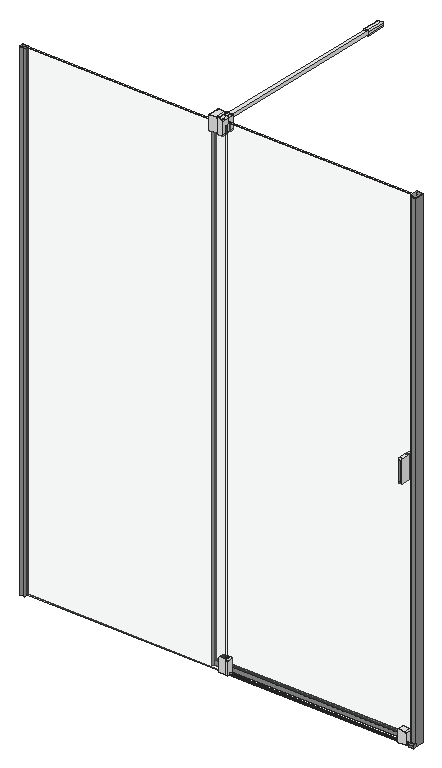
Revit family "Sanitary_Shower-screens_Duscholux_DuschoPulsar_Slider-door-shower", category Plumbing Fixtures, Revit 2016
Family settings
  Part Type = Normal
  Round Connector Dimension = Use Diameter
  OmniClass Number = 23.45.00.00
  OmniClass Title = Sanitary, Laundry, and Cleaning Equipment
  Work Plane-Based = No
  Always vertical = Yes
  Cut with Voids When Loaded = No
  Shared = No
  Room Calculation Point = No
Parameters (values of type "Black Aluminium Finish")
  Width = 1600 mm
  Uniclass 2015 Description = "Shower Enclosures"
  Uniclass 2015 Code = "PR-40-20-06-79"
  URL = "http://www.duscholux.es/"
  UNSPSC Code = "30181507"
  Thickness Safety Glass Sliding = 8 mm  # constant formula
  Thickness Safety Glass Fixed Panel = 8 mm  # constant formula
  Technical Inspection Certificate (Applus) = "http://www.duscholux.es/resources/custom/var/APPLUS_en.pdf"
  Support Lenght = 800 mm
  Sliding Door Width = (Min Max Width / 2) + 35 mm - 13.1 mm  # 821.9 mm
  Series = "DuschoPulsar"
  Region South America = "Consult"
  Region Oceania = "Consult"
  Region North America = "Consult"
  Region Middle East = "Consult"
  Region Europe = "AD, ES, FR, PT"
  Region Asia = "Consult"
  Region Antartica = "Consult"
  Region Africa = "Consult"
  Ref. = "PKL / PKR"
  Products = "http://www.duscholux.es/mamparas_filtro.aspx?es"
  Product group = "Front for shower"
  Product family = "Duscho Pulsar"
  Optional = "Glass Towel rail"
  Opening System Image = "http://blob.duscholux.es/pluma512/FDIzq1f1pcorredera.gif"
  Opening System = "Sliding"
  Opening Percentage = 0
  Opening Door = ((Min Max Width / 2) - 100 mm - 13.1 mm) * Opening Percentage / 100  # 0 mm
  Net Weight (Kg) = 0
  NBS Reference Description = "Shower Enclosures"
  NBS Reference Code = "45-35-70"
  Model = ""
  Min Max Width = if(Width < 1160 mm, 1160 mm, if(Width > 2000 mm, 2000 mm, Width))  # 1600 mm
  Max Height = if(Height > 2000 mm, 2000 mm, Height)  # 2000 mm
  Manufacturer name = "Duscholux Ibérica, S.A."
  Manufacturer country = "Spain"
  Maintenance and Cleaning = "http://www.duscholux.es/mamparas_limpieza.aspx?en"
  Image = "http://www.duscholux.es/resources/custom/img/mamparas/DUSCHO%20PULSAR/modelos/1F1PFDC/mampara_h.jpg"
  IFC Classification = "Furnishing Element"
  Height = 2000 mm
  Handle Material = Black Handle Finish
  Handle Height = Max Height / 2  # 1000 mm
  Glass in Building UNE EN 12150 = "CE Conformity marking"
  Glass Material = Glass_Material-Duscholux
  Frame Material = Black Aluminium Finish
  Fact Sheet = "http://blob.duscholux.es/enpdf2018/Pulsar1F1PFD.pdf"
  Manufacturer = "Duscholux Ibérica, S.A."
  Environmental Management ISO 14001 = "ECOEMBES Certificate"
  Edition number = "1"
  Design country = "Spain / Germany"
  Description = "Front 1 fixed + 1 sliding door shower"
  Date of publishing = ""
  Assembly Code = "C1030200"
  Configuration enclosure = "http://configuratumampara.duscholux.es/eCatalogo.aspx"
  Components = "Eropean components"
  Type Comments = ""
  Combinations = "Lateral 90°"
  Certified Quality UNE EN 14428 = "http://www.duscholux.es/duscholux_downloads.aspx?es"
  COBIe Type Category = ""
  Brand = "Duscholux"
  Anti-Lime Treatment = "FeelNet 3D Included"
  Accesories Material = Chrome_Finish
Types (4, lengths in mm): name | Width | Support Lenght | Sliding Door Width | Min Max Width | Handle Material | Frame Material | Accesories Material
  (no name) | 1600 | 800 | 821.9 | 1600 | Black Handle Finish | Black Aluminium Finish | Chrome_Finish
  Platinum Aluminium Finish | 1600 | 700 | 821.9 | 1600 | White Handle Finish | Platinum Aluminium Finish | Chrome_Finish
  Black Aluminium Finish | 1600 | 800 | 821.9 | 1600 | Black Handle Finish | Black Aluminium Finish | Chrome_Finish
  Gold Finish | 1400 | 700 | 721.9 | 1400 | Black Aluminium Finish | Gold | Gold
Reference planes
  plane 1 "Centro (Frontal/Posterior)": y = 0
  plane 2: z = 0
  plane 3 "Centro (Izquierda/Derecha)": x = 0
  plane 4: x = 1600
  plane 5: x = 800
  plane 6: z = 2000
  plane 7: z = 1000
  plane 8: x = 1553.6
  plane 9: y = 21.3
  plane 10: x = 1586.895
  plane 11: x = 835
  plane 12: x = 765
  plane 13: y = 25.3
  plane 14: y = 17.3
  plane 15: y = 4
  plane 16: y = -4
  plane 17: x = 1576.1
  plane 18: y = 1.421
  plane 19: z = 2003
Forms (mm)
  Extrusion 1, solid, material "Glass_Material-Duscholux" <- "Glass Material"
    sketch origin (512.5, -117.763, 0) x (1, 0, 0) y (0, 1, 0)
      loop
        line (-496.5, 121.763) -> (-496.5, 113.763) -> (322.5, 113.763) -> (322.5, 121.763) -> (-496.5, 121.763)
    from 2 to 2000
  Extrusion 2, solid, material "Plástico, transparente", detail levels fine
    sketch origin (0, -2.016, 0) x (0, 1, 0) y (0, 0, 1)
      loop
        line (18.037, 4) -> (28.544, 4) -> (28.544, 18.331) -> (49.065, 6.392) -> (49.065, 2.694)
        arc (49.065, 2.694) -> (49.804, 2.277) -> (50.544, 2.694) r 0.863
        line (50.544, 2.694) -> (50.544, 8.123) -> (27.817, 21.137)
        arc (27.817, 21.137) -> (27.258, 21.087) -> (27.044, 20.567) r 0.542
        line (27.044, 20.567) -> (27.294, 19.634) -> (27.294, 5.168) -> (19.294, 5.168) -> (19.294, 21.253) -> (18.037, 21.253) -> (18.037, 4)
    from 769.995 to 1576.1
  Extrusion 3, solid, material "Plástico, transparente", detail levels fine
    sketch origin (-2.798, -2.197, 0) x (1, 0, 0) y (0, 1, 0)
      loop
        line (772.793, 27.476) -> (772.793, 28.726) -> (766.493, 28.726) -> (766.493, 18.219) -> (771.793, 18.219) -> (771.793, 6.559) -> (772.793, 6.559) -> (772.793, 19.519) -> (767.793, 19.519) -> (767.793, 27.476) -> (772.793, 27.476)
    from 4 to 2000
  Extrusion 4, solid, not visible
    sketch origin (62.199, -0.034, 0) x (1, 0, 0) y (0, 1, 0)
      loop
        line (752.972, 27.547) -> (749, 27.019)
        arc (749, 27.019) -> (748.57, 26.458) -> (749.132, 26.028) r 0.5
        line (749.132, 26.028) -> (753.6, 26.622) -> (753.6, 23.522) -> (753.6, 20.422) -> (749.132, 21.016)
        arc (749.132, 21.016) -> (748.57, 20.586) -> (749, 20.025) r 0.5
        line (749, 20.025) -> (752.972, 19.497)
        arc (752.972, 19.497) -> (756.439, 17.322) -> (760.531, 17.291) r 7.498
        arc (760.531, 17.291) -> (761.591, 18.007) -> (762, 19.219) r 2
        line (762, 19.219) -> (762, 23.522) -> (762, 27.825)
        arc (762, 27.825) -> (761.591, 29.037) -> (760.531, 29.753) r 2
        arc (760.531, 29.753) -> (756.439, 29.722) -> (752.972, 27.547) r 7.498
    from 0 to 1876.165
  Extrusion 5, solid, material "Black Aluminium Finish" <- "Frame Material"
    sketch origin (0, 0, 0) x (1, 0, 0) y (0, 1, 0)
      loop
        line (13.5, 5.521) -> (0, 5.521) -> (0, -7.479) -> (13.5, -7.479) -> (13.5, -5.979) -> (1.5, -5.979) -> (1.5, 4.021) -> (13.5, 4.021) -> (13.5, 5.521)
      loop
        line (21, 7.2) -> (1, 7.2) -> (1, 5.7) -> (14.5, 5.7) -> (14.5, -7.7) -> (1, -7.7) -> (1, -9.2) -> (16.7, -9.2)
        arc (16.7, -9.2) -> (19.983, -7.677) -> (20.941, -4.188) r 4.3
        line (20.941, -4.188) -> (19.995, -4.188) -> (16, -5.7) -> (16, 5.7) -> (20.019, 4.195) -> (21, 4.195) -> (21, 7.2)
    from 0 to 2000
  Extrusion 6, solid, material "Black Aluminium Finish" <- "Frame Material"
    sketch origin (0, 1.086, 0) x (1, 0, 0) y (0, 1, 0)
      loop
        line (1600, 38.696) -> (1582.5, 38.696) -> (1582.5, 37.196) -> (1598.5, 37.196) -> (1598.5, 7.746) -> (1582.5, 7.746) -> (1582.5, 6.246) -> (1600, 6.246) -> (1600, 38.696)
      loop
        line (1576.595, 10.436) -> (1576.595, 8.871)
        arc (1576.595, 8.871) -> (1577.854, 5.83) -> (1580.895, 4.571) r 4.3
        line (1580.895, 4.571) -> (1598.995, 4.571) -> (1598.995, 6.071) -> (1580.1, 6.071) -> (1580.1, 7.746) -> (1589.795, 11.475) -> (1589.795, 30.821) -> (1587.9, 30.821) -> (1587.9, 36.871) -> (1580.1, 36.871) -> (1580.1, 38.871) -> (1598.995, 38.871) -> (1598.995, 40.171) -> (1576.595, 40.171) -> (1576.595, 31.073) -> (1580.1, 29.321) -> (1588.295, 29.321) -> (1588.295, 14.936) -> (1576.595, 10.436)
      loop
        line (1579.55, 35.571) -> (1579.55, 30.071) -> (1586.4, 30.071) -> (1586.4, 35.571) -> (1579.55, 35.571)
    from 0 to 2000
  Extrusion 7, solid, material "Plástico, transparente"
    sketch origin (-704.732, 0, 0) x (1, 0, 0) y (0, 1, 0)
      loop
        line (2293.01, 27.022) -> (2291.8, 27.022) -> (2291.8, 29.319) -> (2283.801, 29.319) -> (2283.801, 27.018) -> (2281.974, 27.018)
        arc (2281.974, 27.018) -> (2281.152, 26.594) -> (2281.029, 25.677) r 1
        line (2281.029, 25.677) -> (2291.627, 25.677) -> (2291.627, 16.925) -> (2281.025, 16.925)
        arc (2281.025, 16.925) -> (2281.147, 16.007) -> (2281.969, 15.582) r 1
        line (2281.969, 15.582) -> (2293.01, 15.582) -> (2293.01, 27.022)
    from 0 to 2000
  Extrusion 8, solid, material "Glass_Material-Duscholux" <- "Glass Material"
    sketch origin (7.649, 0, 0) x (1, 0, 0) y (0, 1, 0)
      loop
        line (757.346, 25.278) -> (757.346, 17.278) -> (1579.246, 17.278) -> (1579.246, 25.278) -> (757.346, 25.278)
    from 5.168 to 2000
  Extrusion 9, solid, material "Plástico, transparente", not visible
    sketch origin (2.438, 0, 0) x (1, 0, 0) y (0, 1, 0)
      loop
        line (1578.185, 27.022) -> (1576.976, 27.022) -> (1576.976, 29.319) -> (1568.976, 29.319) -> (1568.976, 27.018) -> (1567.149, 27.018)
        arc (1567.149, 27.018) -> (1566.327, 26.594) -> (1566.205, 25.677) r 1
        line (1566.205, 25.677) -> (1576.803, 25.677) -> (1576.803, 16.925) -> (1566.201, 16.925)
        arc (1566.201, 16.925) -> (1566.322, 16.007) -> (1567.145, 15.582) r 1
        line (1567.145, 15.582) -> (1578.185, 15.578) -> (1578.185, 27.022)
    from 0 to 2000
  Extrusion 10, solid, material "Chrome_Finish" <- "Accesories Material"
    sketch origin (222.464, 0, -247.097) x (1, 0, 0) y (0, 0, 1)
      loop
        arc (554.036, 2272.097) -> (550.5, 2270.632) -> (549.036, 2267.097) r 5
        line (549.036, 2267.097) -> (549.036, 2217.097)
        arc (549.036, 2217.097) -> (550.5, 2213.561) -> (554.036, 2212.097) r 5
        line (554.036, 2212.097) -> (579.036, 2212.097)
        arc (579.036, 2212.097) -> (582.571, 2213.561) -> (584.036, 2217.097) r 5
        line (584.036, 2217.097) -> (584.036, 2267.097)
        arc (584.036, 2267.097) -> (582.571, 2270.632) -> (579.036, 2272.097) r 5
        line (579.036, 2272.097) -> (554.036, 2272.097)
    from 6.85 to 10.85
  Extrusion 11, solid, material "Chrome_Finish" <- "Accesories Material"
    sketch origin (222.464, 0, -247.097) x (1, 0, 0) y (0, 0, 1)
      loop
        arc (554.036, 2272.097) -> (550.5, 2270.632) -> (549.036, 2267.097) r 5
        line (549.036, 2267.097) -> (549.036, 2247.097) -> (584.036, 2247.097) -> (584.036, 2267.097)
        arc (584.036, 2267.097) -> (582.571, 2270.632) -> (579.036, 2272.097) r 5
        line (579.036, 2272.097) -> (554.036, 2272.097)
    from -28.15 to 6.85
  Extrusion 12, solid, material "Chrome_Finish" <- "Accesories Material"
    sketch origin (222.464, -457, -247.097) x (1, 0, 0) y (0, 0, -1)
      loop
        line (554.036, -2272.097) -> (579.036, -2272.097)
        arc (579.036, -2272.097) -> (582.571, -2270.632) -> (584.036, -2267.097) r 5
        line (584.036, -2267.097) -> (584.036, -2217.097)
        arc (584.036, -2217.097) -> (582.571, -2213.561) -> (579.036, -2212.097) r 5
        line (579.036, -2212.097) -> (554.036, -2212.097)
        arc (554.036, -2212.097) -> (550.5, -2213.561) -> (549.036, -2217.097) r 5
        line (549.036, -2217.097) -> (549.036, -2267.097)
        arc (549.036, -2267.097) -> (550.5, -2270.632) -> (554.036, -2272.097) r 5
    from 485.15 to 489.15
  Extrusion 13, solid, material "Plástico, transparente", not visible
    sketch origin (1.118, 0, 0) x (1, 0, 0) y (0, 1, 0)
      loop
        line (1573.627, 27.022) -> (1572.417, 27.022) -> (1572.417, 29.319) -> (1564.418, 29.319) -> (1564.418, 27.018) -> (1562.591, 27.018)
        arc (1562.591, 27.018) -> (1561.769, 26.594) -> (1561.646, 25.677) r 1
        line (1561.646, 25.677) -> (1572.245, 25.677) -> (1572.245, 16.925) -> (1561.643, 16.925)
        arc (1561.643, 16.925) -> (1561.764, 16.007) -> (1562.587, 15.582) r 1
        line (1562.587, 15.582) -> (1573.627, 15.578) -> (1573.627, 27.022)
    from 0 to 1900
  Extrusion 14, solid, material "Chrome_Finish" <- "Accesories Material"
    sketch origin (0, 0, 0) x (1, 0, 0) y (0, 0, 1)
      loop
        line (771.5, 2000) -> (771.5, 1970)
        arc (771.5, 1970) -> (772.964, 1966.464) -> (776.5, 1965) r 5
        line (776.5, 1965) -> (801.5, 1965)
        arc (801.5, 1965) -> (805.036, 1966.464) -> (806.5, 1970) r 5
        line (806.5, 1970) -> (806.5, 2000) -> (771.5, 2000)
    from -17.322 to -4
  Extrusion 15, solid, material "Chrome_Finish" <- "Accesories Material"
    sketch origin (0, 0, 0) x (1, 0, 0) y (0, 0, 1)
      loop
        line (809.2, 0) -> (843.5, 0) -> (843.5, 51)
        arc (843.5, 51) -> (842.036, 54.536) -> (838.5, 56) r 5
        line (838.5, 56) -> (814.2, 56)
        arc (814.2, 56) -> (810.664, 54.536) -> (809.2, 51) r 5
        line (809.2, 51) -> (809.2, 0)
    from -16.022 to 6.579
  Extrusion 16, void
    sketch origin (0, 0, 0) x (1, 0, 0) y (0, 0, 1)
      loop
        line (809.2, 2) -> (835, 2) -> (835, 56) -> (814.2, 56)
        arc (814.2, 56) -> (810.664, 54.536) -> (809.2, 51) r 5
        line (809.2, 51) -> (809.2, 2)
    from -5.621 to 3.379
  Extrusion 17, solid, material "Chrome_Finish" <- "Accesories Material"
    sketch origin (0, 0, 0) x (0, 1, 0) y (0, 0, 1)
      loop
        line (14.936, 0) -> (33.25, 0) -> (33.25, 13.123) -> (28.25, 15.562) -> (28.25, 4) -> (14.936, 4) -> (14.936, 0)
    from 809.2 to 843.5
  Extrusion 18, solid, not visible
    sketch origin (0, 0, 0) x (1, 0, 0) y (0, 0, 1)
      loop
        arc (1333.174, 5) -> (1334.638, 1.464) -> (1338.174, 0) r 5
        line (1338.174, 0) -> (1363.174, 0)
        arc (1363.174, 0) -> (1366.709, 1.464) -> (1368.174, 5) r 5
        line (1368.174, 5) -> (1368.174, 45)
        arc (1368.174, 45) -> (1366.709, 48.536) -> (1363.174, 50) r 5
        line (1363.174, 50) -> (1338.174, 50)
        arc (1338.174, 50) -> (1334.638, 48.536) -> (1333.174, 45) r 5
        line (1333.174, 45) -> (1333.174, 5)
    from -16.022 to 7.7
  Extrusion 19, void, not visible
    sketch origin (0, 0, 0) x (1, 0, 0) y (0, 0, 1)
      loop
        line (1368.174, 8) -> (1333.174, 8) -> (1333.174, 5)
        arc (1333.174, 5) -> (1334.638, 1.464) -> (1338.174, 0) r 5
        line (1338.174, 0) -> (1363.174, 0)
        arc (1363.174, 0) -> (1366.709, 1.464) -> (1368.174, 5) r 5
        line (1368.174, 5) -> (1368.174, 8)
    from -4.3 to 6.7
  Extrusion 20, solid, not visible
    sketch origin (0, 0, 0) x (1, 0, 0) y (0, 0, 1)
      loop
        line (1333.174, 16.4) -> (1333.174, 5)
        arc (1333.174, 5) -> (1334.638, 1.464) -> (1338.174, 0) r 5
        line (1338.174, 0) -> (1363.174, 0)
        arc (1363.174, 0) -> (1366.709, 1.464) -> (1368.174, 5) r 5
        line (1368.174, 5) -> (1368.174, 16.4) -> (1333.174, 16.4)
    from -27.597 to -16.022
  Extrusion 21, void, not visible
    sketch origin (0, 0, 0) x (1, 0, 0) y (0, 0, 1)
      loop
        line (1333.174, 16.4) -> (1333.174, 5)
        arc (1333.174, 5) -> (1333.199, 4.497) -> (1333.275, 4) r 5
        line (1333.275, 4) -> (1368.073, 4)
        arc (1368.073, 4) -> (1368.148, 4.497) -> (1368.174, 5) r 5
        line (1368.174, 5) -> (1368.174, 16.4) -> (1333.174, 16.4)
    from -26.528 to -16.022
  Extrusion 22, solid, material "Plástico, transparente", not visible
    sketch origin (-17.832, 0, 0) x (1, 0, 0) y (0, 1, 0)
      loop
        line (1606.11, 27.022) -> (1604.9, 27.022) -> (1604.9, 29.319) -> (1596.901, 29.319) -> (1596.901, 27.018) -> (1595.074, 27.018)
        arc (1595.074, 27.018) -> (1594.252, 26.594) -> (1594.129, 25.677) r 1
        line (1594.129, 25.677) -> (1604.727, 25.677) -> (1604.727, 16.925) -> (1594.125, 16.925)
        arc (1594.125, 16.925) -> (1594.247, 16.007) -> (1595.069, 15.582) r 1
        line (1595.069, 15.582) -> (1606.11, 15.582) -> (1606.11, 27.022)
    from 0 to 1900
  Extrusion 23, solid, not visible
    sketch origin (0, 0, 0) x (1, 0, 0) y (0, 0, 1)
      loop
        line (1363.174, 50) -> (1338.174, 50)
        arc (1338.174, 50) -> (1334.638, 48.536) -> (1333.174, 45) r 5
        line (1333.174, 45) -> (1333.174, 4)
        arc (1333.174, 4) -> (1334.345, 1.172) -> (1337.174, 0) r 4
        line (1337.174, 0) -> (1364.174, 0)
        arc (1364.174, 0) -> (1367.002, 1.172) -> (1368.174, 4) r 4
        line (1368.174, 4) -> (1368.174, 45)
        arc (1368.174, 45) -> (1366.709, 48.536) -> (1363.174, 50) r 5
    from 6.579 to -16.022
  Extrusion 24, solid, not visible
    sketch origin (0, 0, 0) x (1, 0, 0) y (0, 0, 1)
      loop
        line (1368.174, 4) -> (1333.174, 4)
        arc (1333.174, 4) -> (1334.345, 1.172) -> (1337.174, 0) r 4
        line (1337.174, 0) -> (1364.174, 0)
        arc (1364.174, 0) -> (1367.002, 1.172) -> (1368.174, 4) r 4
    from -27.521 to -16.022
  Extrusion 25, solid, not visible
    sketch origin (0, 0, 0) x (1, 0, 0) y (0, 1, 0)
      loop
        line (1333.174, 27.521) -> (1333.174, 26.521) -> (1368.174, 26.521) -> (1368.174, 27.521) -> (1333.174, 27.521)
    from 4 to 16.689
  Extrusion 26, solid, material "Black Aluminium Finish" <- "Frame Material"
    sketch origin (0, 74.121, 0) x (0, 1, 0) y (0, 0, 1)
      loop
        line (-69.2, 0) -> (-69.2, 11.5) -> (-79.2, 11.5)
        arc (-79.2, 11.5) -> (-80.261, 11.061) -> (-80.7, 10) r 1.5
        line (-80.7, 10) -> (-80.7, 0) -> (-69.2, 0)
    from 1582.5 to 1600
  Extrusion 27, solid, material "Black Aluminium Finish" <- "Frame Material"
    sketch origin (0, 25.773, 0) x (0, 1, 0) y (0, 0, 1)
      loop
        line (-27.652, 0) -> (-21.052, 0) -> (-21.052, 4)
        arc (-21.052, 4) -> (-24.352, 7.3) -> (-27.652, 4) r 3.3
        line (-27.652, 4) -> (-27.652, 0)
    from 843.5 to 1582.5
  Extrusion 28, solid, material "Black Aluminium Finish" <- "Frame Material"
    sketch origin (0, 0, 0) x (1, 0, 0) y (0, 1, 0)
      loop
        line (21, 7.2) -> (0, 7.2) -> (0, -9.2) -> (16.7, -9.2)
        arc (16.7, -9.2) -> (19.741, -7.941) -> (21, -4.9) r 4.3
        line (21, -4.9) -> (21, 7.2)
    from 2000 to 2003
  Extrusion 29, solid, material "Black Aluminium Finish" <- "Frame Material"
    sketch origin (0, 0, 0) x (1, 0, 0) y (0, 1, 0)
      loop
        line (1576.595, 41.256) -> (1576.595, 9.937)
        arc (1576.595, 9.937) -> (1577.854, 6.896) -> (1580.895, 5.637) r 4.3
        line (1580.895, 5.637) -> (1600, 5.637) -> (1600, 41.256) -> (1576.595, 41.256)
    from 2000 to 2003
Cuts and joins
  joined: Extrusion 10, Extrusion 11, Extrusion 12, Extrusion 14
  Extrusion 16 cuts Extrusion 1
  Extrusion 16 cuts Extrusion 15
  joined: Extrusion 15, Extrusion 17
Dimensions and locks
  equal spacing: plane 3 "Centro (Izquierda/Derecha)", plane 5, plane 4
  "Handle Height": plane 7 to level
  locked: Extrusion 3 to Extrusion 3 at 1.3
  locked: Extrusion 3 to Extrusion 3 at 1
  locked: Extrusion 3 to Extrusion 3 at 6.3
  locked: plane 8 to plane 4 at 46.4
  "Min Max Width": plane 3 "Centro (Izquierda/Derecha)" to plane 4  (x2)
  "Max Height": plane 6 to level
  locked: Extrusion 2 to Extrusion 8 at 10.795
  locked: nested 1 to Extrusion 7 at 34
  "Sliding Door Width": Extrusion 8 to Extrusion 8
  locked: plane 10 to plane 4 at 13.105
  "Opening Door": Extrusion 8 to plane 10
  locked: Extrusion 26 to plane 4 at 17.5
  locked: plane 11 to cut or joined group of Extrusion 15, Extrusion 16, Extrusion 17 at 8.5
  locked: cut or joined group of Extrusion 15, Extrusion 16, Extrusion 17 to plane 11 at 25.8
  locked: plane 5 to plane 11 at 35
  locked: plane 12 to plane 5 at 35
  locked: plane 5 to nested 4 at 19.451
  locked: plane 19 to plane 6 at 3
  "Thickness Safety Glass Fixed Panel": cut or joined group of Extrusion 1, Extrusion 16 to cut or joined group of Extrusion 1, Extrusion 16
  "Thickness Safety Glass Sliding": Extrusion 8 to Extrusion 8
  aligned and locked: level to plane 2
  aligned and locked: plane 6 to Extrusion 1
  aligned and locked: Extrusion 3 to Extrusion 3
  aligned and locked: Extrusion 3 to Extrusion 8 sketch curve
  aligned and locked: Extrusion 8 sketch curve to Extrusion 2
  aligned and locked: Extrusion 8 to Extrusion 2
  aligned and locked: Extrusion 1 to Extrusion 5
  aligned and locked: plane 6 to Extrusion 5
  aligned and locked: plane 6 to Extrusion 6
  aligned and locked: plane 6 to Extrusion 7
  aligned and locked: plane 6 to Extrusion 8
  aligned and locked: Extrusion 8 to Extrusion 3
  aligned and locked: Extrusion 3 to Extrusion 8
  aligned and locked: Extrusion 2 to Extrusion 3
  aligned and locked: Extrusion 7 to Extrusion 8
  aligned and locked: cut or joined group of Extrusion 10, Extrusion 11, Extrusion 12, Extrusion 14 to plane 6
  aligned and locked: nested 1 to plane 7
  aligned and locked: nested 1 to nested 2
  aligned and locked: Extrusion 3 to Extrusion 14
  aligned and locked: Extrusion 14 to Extrusion 1
  aligned and locked: Extrusion 2 to cut or joined group of Extrusion 15, Extrusion 16, Extrusion 17
  aligned and locked: Extrusion 3 to Extrusion 2
  aligned and locked: Extrusion 15 to Extrusion 2
  aligned and locked: nested 3 to nested 2
  aligned and locked: plane 7 to nested 2
  aligned and locked: plane 1 "Centro (Frontal/Posterior)" to nested 4
  aligned and locked: nested 4 to plane 6
  aligned and locked: plane 4 to Extrusion 26
  aligned and locked: Extrusion 27 to cut or joined group of Extrusion 15, Extrusion 16, Extrusion 17
  aligned and locked: Extrusion 27 to Extrusion 26
  aligned and locked: cut or joined group of Extrusion 15, Extrusion 16, Extrusion 17 to cut or joined group of Extrusion 15, Extrusion 16, Extrusion 17  (x2)
  aligned and locked: Extrusion 28 to Extrusion 5
  aligned and locked: plane 19 to Extrusion 28
  aligned and locked: Extrusion 29 sketch curve to Extrusion 6  (x2)
  aligned and locked: Extrusion 29 sketch curve to plane 4
  aligned and locked: Extrusion 29 to plane 6
  aligned and locked: plane 19 to Extrusion 29
Automatic sketch dimensions
  Extrusion 4 sketch curve to Extrusion 4 sketch curve = 0 mm  (x2)
  Extrusion 4 sketch curve to Extrusion 4 sketch curve = 0.066 mm  (x4)
  Extrusion 4 sketch curve to Extrusion 4 sketch curve = 3.972 mm  (x2)
  Extrusion 4 sketch curve to Extrusion 4 sketch curve = 0.628 mm
  Extrusion 4 sketch curve to Extrusion 4 sketch curve = 4.94 mm
  Extrusion 4 sketch curve to Extrusion 4 sketch curve = 1.46 mm  (x2)
  Extrusion 4 sketch curve to Extrusion 4 sketch curve = 3.46 mm
  Extrusion 4 sketch curve to Extrusion 4 sketch curve = 0.496 mm  (x2)
  Extrusion 4 sketch curve to Extrusion 4 sketch curve = 0.925 mm  (x2)
  Extrusion 4 sketch curve to Extrusion 4 sketch curve = 3.305 mm  (x2)
  Extrusion 4 sketch curve to Extrusion 4 sketch curve = 3.1 mm  (x2)
  Extrusion 4 sketch curve to Extrusion 4 sketch curve = 3.027 mm
  Extrusion 4 sketch curve to Extrusion 4 sketch curve = 0.528 mm
  Extrusion 4 sketch curve to Extrusion 4 sketch curve = 0.997 mm
  Extrusion 4 sketch curve to Extrusion 4 sketch curve = 1.995 mm
  Extrusion 4 sketch curve to Extrusion 4 sketch curve = 1.519 mm
  Extrusion 9 sketch curve to Extrusion 9 sketch curve = 0.939 mm
  Extrusion 9 sketch curve to Extrusion 9 sketch curve = 0.94 mm
  Extrusion 9 sketch curve to Extrusion 9 sketch curve = 0.005 mm  (x3)
  Extrusion 9 sketch curve to Extrusion 9 sketch curve = 1.831 mm
  Extrusion 9 sketch curve to Extrusion 9 sketch curve = 7.827 mm
  Extrusion 9 sketch curve to Extrusion 9 sketch curve = 0.173 mm
  Extrusion 9 sketch curve to Extrusion 9 sketch curve = 1.382 mm
  Extrusion 9 sketch curve to Extrusion 9 sketch curve = 1 mm
  Extrusion 9 sketch curve to Extrusion 9 sketch curve = 0.341 mm
  Extrusion 9 sketch curve to Extrusion 9 sketch curve = 1.345 mm
  Extrusion 9 sketch curve to Extrusion 9 sketch curve = 3.301 mm
  Extrusion 9 sketch curve to Extrusion 9 sketch curve = 0.004 mm
  Extrusion 9 sketch curve to Extrusion 9 sketch curve = 8.752 mm
  Extrusion 13 sketch curve to Extrusion 13 sketch curve = 0.939 mm
  Extrusion 13 sketch curve to Extrusion 13 sketch curve = 0.94 mm
  Extrusion 13 sketch curve to Extrusion 13 sketch curve = 0.005 mm  (x3)
  Extrusion 13 sketch curve to Extrusion 13 sketch curve = 1.827 mm
  Extrusion 13 sketch curve to Extrusion 13 sketch curve = 7.827 mm
  Extrusion 13 sketch curve to Extrusion 13 sketch curve = 0.173 mm
  Extrusion 13 sketch curve to Extrusion 13 sketch curve = 1.382 mm
  Extrusion 13 sketch curve to Extrusion 13 sketch curve = 1 mm
  Extrusion 13 sketch curve to Extrusion 13 sketch curve = 0.341 mm
  Extrusion 13 sketch curve to Extrusion 13 sketch curve = 1.345 mm
  Extrusion 13 sketch curve to Extrusion 13 sketch curve = 2.297 mm
  Extrusion 13 sketch curve to Extrusion 13 sketch curve = 0.004 mm
  Extrusion 13 sketch curve to Extrusion 13 sketch curve = 8.752 mm
  Extrusion 7 sketch curve to Extrusion 7 sketch curve = 1.827 mm
  Extrusion 7 sketch curve to Extrusion 7 sketch curve = 0.005 mm  (x2)
  Extrusion 7 sketch curve to Extrusion 7 sketch curve = 0.94 mm
  Extrusion 7 sketch curve to Extrusion 7 sketch curve = 0.939 mm
  Extrusion 7 sketch curve to Extrusion 7 sketch curve = 1.345 mm
  Extrusion 7 sketch curve to Extrusion 7 sketch curve = 2.297 mm
  Extrusion 18 sketch curve to Extrusion 18 sketch curve = 5 mm  (x3)
  Extrusion 18 sketch curve to Extrusion 18 sketch curve = 25 mm  (x2)
  Extrusion 18 sketch curve to Extrusion 18 sketch curve = 40 mm
  Extrusion 19 sketch curve to Extrusion 19 sketch curve = 5 mm  (x2)
  Extrusion 19 sketch curve to Extrusion 19 sketch curve = 25 mm
  Extrusion 20 sketch curve to Extrusion 20 sketch curve = 5 mm  (x2)
  Extrusion 20 sketch curve to Extrusion 20 sketch curve = 25 mm
  Extrusion 21 sketch curve to Extrusion 21 sketch curve = 0.101 mm  (x2)
  Extrusion 21 sketch curve to Extrusion 21 sketch curve = 5 mm  (x2)
  Extrusion 21 sketch curve to Extrusion 21 sketch curve = 25 mm
  Extrusion 19 sketch curve to Extrusion 19 sketch curve = 3 mm
  Extrusion 20 sketch curve to Extrusion 20 sketch curve = 11.4 mm
  Extrusion 21 sketch curve to Extrusion 21 sketch curve = 11.4 mm
  Extrusion 7 sketch curve to Extrusion 7 sketch curve = 0.004 mm
  Extrusion 7 sketch curve to Extrusion 7 sketch curve = 7.827 mm
  Extrusion 7 sketch curve to Extrusion 7 sketch curve = 0.173 mm
  Extrusion 7 sketch curve to Extrusion 7 sketch curve = 1.382 mm
  Extrusion 7 sketch curve to Extrusion 7 sketch curve = 1 mm
  Extrusion 7 sketch curve to Extrusion 7 sketch curve = 8.752 mm
  Extrusion 7 sketch curve to Extrusion 7 sketch curve = 0.341 mm
  Extrusion 22 sketch curve to Extrusion 22 sketch curve = 1.827 mm
  Extrusion 22 sketch curve to Extrusion 22 sketch curve = 0.005 mm  (x2)
  Extrusion 22 sketch curve to Extrusion 22 sketch curve = 0.94 mm
  Extrusion 22 sketch curve to Extrusion 22 sketch curve = 0.939 mm
  Extrusion 22 sketch curve to Extrusion 22 sketch curve = 1.345 mm
  Extrusion 22 sketch curve to Extrusion 22 sketch curve = 2.297 mm
  Extrusion 22 sketch curve to Extrusion 22 sketch curve = 0.004 mm
  Extrusion 22 sketch curve to Extrusion 22 sketch curve = 7.827 mm
  Extrusion 22 sketch curve to Extrusion 22 sketch curve = 0.173 mm
  Extrusion 22 sketch curve to Extrusion 22 sketch curve = 1.382 mm
  Extrusion 22 sketch curve to Extrusion 22 sketch curve = 1 mm
  Extrusion 22 sketch curve to Extrusion 22 sketch curve = 8.752 mm
  Extrusion 22 sketch curve to Extrusion 22 sketch curve = 0.341 mm
  Extrusion 1 sketch curve to plane 16 = 0 mm
  Extrusion 1 sketch curve to plane 15 = 0 mm
  Extrusion 1 sketch curve to plane 11 = 0 mm
  plane 3 "Centro (Izquierda/Derecha)" to Extrusion 1 sketch curve = 16 mm
  Extrusion 2 sketch curve to plane 14 = 1.278 mm
  Extrusion 2 sketch curve to plane 14 = 0.022 mm
  Extrusion 2 sketch curve to plane 13 = 0.272 mm
  Extrusion 2 sketch curve to plane 13 = 0.022 mm
  plane 13 to Extrusion 2 sketch curve = 0.264 mm
  plane 13 to Extrusion 2 sketch curve = 0.501 mm
  plane 13 to Extrusion 2 sketch curve = 1.228 mm
  level to Extrusion 2 sketch curve = 6.392 mm
  Extrusion 2 sketch curve to Extrusion 2 sketch curve = 20.522 mm
  Extrusion 2 sketch curve to Extrusion 2 sketch curve = 0.739 mm
  Extrusion 2 sketch curve to Extrusion 2 sketch curve = 1.478 mm
  level to Extrusion 2 sketch curve = 5.168 mm
  Extrusion 2 sketch curve to Extrusion 2 sketch curve = 1.168 mm
  level to Extrusion 2 sketch curve = 3.14 mm
  Extrusion 2 sketch curve to Extrusion 2 sketch curve = 0.446 mm
  Extrusion 2 sketch curve to Extrusion 2 sketch curve = 1.731 mm
  Extrusion 2 sketch curve to Extrusion 2 sketch curve = 13.163 mm
  Extrusion 2 sketch curve to Extrusion 2 sketch curve = 1.303 mm
  Extrusion 2 sketch curve to Extrusion 2 sketch curve = 0.933 mm
  Extrusion 2 sketch curve to Extrusion 2 sketch curve = 0.083 mm
  Extrusion 2 sketch curve to Extrusion 2 sketch curve = 0.686 mm
  Extrusion 3 sketch curve to plane 12 = 1.305 mm
  Extrusion 3 sketch curve to plane 12 = 0.005 mm
  plane 15 to Extrusion 3 sketch curve = 0.362 mm
  plane 12 to Extrusion 3 sketch curve = 3.995 mm
  Extrusion 3 sketch curve to plane 13 = 0.022 mm
  plane 12 to Extrusion 3 sketch curve = 4.995 mm
  Extrusion 3 sketch curve to Extrusion 3 sketch curve = 1 mm
  Extrusion 3 sketch curve to plane 14 = 1.278 mm
  plane 14 to Extrusion 3 sketch curve = 0.022 mm
  plane 13 to Extrusion 3 sketch curve = 1.228 mm
  Extrusion 5 sketch curve to plane 3 "Centro (Izquierda/Derecha)" = 0 mm
  plane 3 "Centro (Izquierda/Derecha)" to Extrusion 5 sketch curve = 1 mm  (x2)
  plane 15 to Extrusion 5 sketch curve = 0.021 mm
  plane 3 "Centro (Izquierda/Derecha)" to Extrusion 5 sketch curve = 1.5 mm
  Extrusion 5 sketch curve to plane 16 = 1.979 mm
  Extrusion 5 sketch curve to Extrusion 5 sketch curve = 12 mm
  plane 15 to Extrusion 5 sketch curve = 1.521 mm
  Extrusion 5 sketch curve to Extrusion 5 sketch curve = 0 mm
  Extrusion 5 sketch curve to Extrusion 5 sketch curve = 1 mm
  plane 15 to Extrusion 5 sketch curve = 1.7 mm
  Extrusion 5 sketch curve to Extrusion 5 sketch curve = 1.5 mm  (x4)
  Extrusion 5 sketch curve to Extrusion 5 sketch curve = 2.2 mm
  Extrusion 5 sketch curve to plane 16 = 0.188 mm
  Extrusion 5 sketch curve to Extrusion 5 sketch curve = 3.295 mm
  plane 15 to Extrusion 5 sketch curve = 0.195 mm
  Extrusion 5 sketch curve to Extrusion 5 sketch curve = 4.019 mm
  Extrusion 5 sketch curve to Extrusion 5 sketch curve = 0.946 mm
  Extrusion 5 sketch curve to Extrusion 5 sketch curve = 0.981 mm
  Extrusion 5 sketch curve to Extrusion 5 sketch curve = 0.221 mm
  Extrusion 5 sketch curve to Extrusion 5 sketch curve = 0.8 mm
  Extrusion 5 sketch curve to Extrusion 5 sketch curve = 0.179 mm
  Extrusion 6 sketch curve to plane 4 = 0 mm
  Extrusion 6 sketch curve to plane 4 = 1.005 mm  (x2)
  Extrusion 6 sketch curve to plane 4 = 1.5 mm
  plane 10 to Extrusion 6 sketch curve = 2.9 mm
  plane 10 to Extrusion 6 sketch curve = 1.4 mm
  plane 10 to Extrusion 6 sketch curve = 1.005 mm
  Extrusion 6 sketch curve to plane 10 = 0.495 mm
  Extrusion 6 sketch curve to Extrusion 6 sketch curve = 3.9 mm
  Extrusion 6 sketch curve to plane 10 = 4.395 mm
  Extrusion 6 sketch curve to Extrusion 6 sketch curve = 1.605 mm
  Extrusion 6 sketch curve to Extrusion 6 sketch curve = 0.795 mm
  Extrusion 6 sketch curve to Extrusion 6 sketch curve = 2.4 mm
  Extrusion 6 sketch curve to Extrusion 6 sketch curve = 6.3 mm
  Extrusion 6 sketch curve to Extrusion 6 sketch curve = 0.55 mm
  Extrusion 6 sketch curve to Extrusion 6 sketch curve = 3.505 mm
  Extrusion 6 sketch curve to Extrusion 6 sketch curve = 2.955 mm
  plane 15 to Extrusion 6 sketch curve = 1.656 mm
  Extrusion 6 sketch curve to Extrusion 6 sketch curve = 1.5 mm  (x3)
  Extrusion 6 sketch curve to Extrusion 6 sketch curve = 0.175 mm  (x2)
  Extrusion 6 sketch curve to Extrusion 6 sketch curve = 1.675 mm
  Extrusion 6 sketch curve to Extrusion 6 sketch curve = 1.125 mm
  Extrusion 6 sketch curve to Extrusion 6 sketch curve = 1.565 mm
  Extrusion 6 sketch curve to plane 14 = 4.74 mm
  Extrusion 6 sketch curve to plane 14 = 1.278 mm
  plane 13 to Extrusion 6 sketch curve = 5.106 mm
  Extrusion 6 sketch curve to Extrusion 6 sketch curve = 0.75 mm
  Extrusion 6 sketch curve to Extrusion 6 sketch curve = 1.003 mm
  Extrusion 6 sketch curve to Extrusion 6 sketch curve = 4.75 mm
  Extrusion 6 sketch curve to Extrusion 6 sketch curve = 1.3 mm  (x2)
  Extrusion 6 sketch curve to Extrusion 6 sketch curve = 0.325 mm
  Extrusion 8 sketch curve to plane 10 = 0 mm
  Extrusion 8 sketch curve to plane 12 = 0.005 mm
  plane 12 to Extrusion 10 sketch curve = 6.5 mm
  Extrusion 10 sketch curve to Extrusion 10 sketch curve = 5 mm  (x3)
  plane 5 to Extrusion 10 sketch curve = 1.5 mm  (x2)
  Extrusion 10 sketch curve to plane 6 = 35 mm
  plane 6 to Extrusion 10 sketch curve = 20 mm
  Extrusion 11 sketch curve to plane 6 = 0 mm
  plane 12 to Extrusion 11 sketch curve = 6.5 mm
  Extrusion 11 sketch curve to Extrusion 11 sketch curve = 5 mm
  plane 5 to Extrusion 11 sketch curve = 1.5 mm
  plane 5 to Extrusion 11 sketch curve = 6.5 mm
  plane 6 to Extrusion 11 sketch curve = 20 mm
  plane 12 to Extrusion 12 sketch curve = 6.5 mm
  Extrusion 12 sketch curve to Extrusion 12 sketch curve = 5 mm  (x3)
  plane 5 to Extrusion 12 sketch curve = 1.5 mm  (x2)
  plane 6 to Extrusion 12 sketch curve = 25 mm
  Extrusion 12 sketch curve to plane 6 = 30 mm
  Extrusion 14 sketch curve to plane 6 = 0 mm
  plane 12 to Extrusion 14 sketch curve = 6.5 mm
  Extrusion 14 sketch curve to Extrusion 14 sketch curve = 5 mm
  plane 5 to Extrusion 14 sketch curve = 1.5 mm
  plane 5 to Extrusion 14 sketch curve = 6.5 mm
  Extrusion 14 sketch curve to plane 6 = 30 mm
  Extrusion 15 sketch curve to level = 0 mm
  plane 5 to Extrusion 15 sketch curve = 9.2 mm
  Extrusion 15 sketch curve to Extrusion 15 sketch curve = 5 mm
  plane 11 to Extrusion 15 sketch curve = 3.5 mm
  plane 11 to Extrusion 15 sketch curve = 8.5 mm
  level to Extrusion 15 sketch curve = 51 mm
  Extrusion 16 sketch curve to plane 11 = 0 mm
  plane 5 to Extrusion 16 sketch curve = 14.2 mm
  level to Extrusion 16 sketch curve = 2 mm
  plane 5 to Extrusion 16 sketch curve = 9.2 mm
  Extrusion 16 sketch curve to Extrusion 16 sketch curve = 49 mm
  Extrusion 17 sketch curve to level = 0 mm
  Extrusion 17 sketch curve to plane 14 = 2.364 mm
  plane 13 to Extrusion 17 sketch curve = 2.95 mm
  Extrusion 17 sketch curve to Extrusion 17 sketch curve = 5 mm
  level to Extrusion 17 sketch curve = 4 mm
  Extrusion 17 sketch curve to Extrusion 17 sketch curve = 9.123 mm
  Extrusion 17 sketch curve to Extrusion 17 sketch curve = 2.439 mm
  Extrusion 23 sketch curve to Extrusion 23 sketch curve = 4 mm
  Extrusion 23 sketch curve to Extrusion 23 sketch curve = 5 mm  (x2)
  Extrusion 23 sketch curve to Extrusion 23 sketch curve = 25 mm
  Extrusion 23 sketch curve to Extrusion 23 sketch curve = 27 mm
  Extrusion 24 sketch curve to Extrusion 24 sketch curve = 27 mm
  Extrusion 25 sketch curve to Extrusion 25 sketch curve = 1 mm
  Extrusion 25 sketch curve to Extrusion 25 sketch curve = 35 mm
  Extrusion 23 sketch curve to Extrusion 23 sketch curve = 41 mm
  Extrusion 24 sketch curve to Extrusion 24 sketch curve = 4 mm
  Extrusion 7 sketch curve to plane 14 = 0.375 mm
  plane 11 to Extrusion 7 sketch curve = 741.293 mm
  Extrusion 26 sketch curve to level = 0 mm
  Extrusion 26 sketch curve to plane 16 = 2.579 mm
  Extrusion 26 sketch curve to Extrusion 26 sketch curve = 10 mm
  level to Extrusion 26 sketch curve = 10 mm
  Extrusion 26 sketch curve to Extrusion 26 sketch curve = 1.5 mm
  Extrusion 27 sketch curve to level = 0 mm
  plane 16 to Extrusion 27 sketch curve = 2.121 mm
  level to Extrusion 27 sketch curve = 4 mm
  Extrusion 27 sketch curve to Extrusion 27 sketch curve = 3.3 mm
  Extrusion 28 sketch curve to plane 3 "Centro (Izquierda/Derecha)" = 0 mm
  Extrusion 28 sketch curve to plane 16 = 5.2 mm
  plane 3 "Centro (Izquierda/Derecha)" to Extrusion 28 sketch curve = 16.7 mm
  Extrusion 28 sketch curve to plane 16 = 0.9 mm
  plane 15 to Extrusion 28 sketch curve = 3.2 mm
  plane 15 to Extrusion 29 sketch curve = 1.637 mm
  Extrusion 29 sketch curve to Extrusion 29 sketch curve = 4.3 mm
Nested families
  nested 1: "Handle-Pulsar" at (1554.277, 17.278, 1000) x (0, 0, -1) z (0, -1, 0), type "Handle-Pulsar"
  nested 2: "Handle-Pulsar" at (1554.277, 25.278, 1000) x (0, 0, -1) z (0, 1, 0), type "Handle-Pulsar"
  nested 3: "Guide-Piece" at (1554.277, 0.021, 0), type "Guide-Piece"
  nested 4: "Wall-Support" at (819.451, 0, 2000), type "Wall-Support"
    with Support Lenght 800 mm
Definition of nested family "Handle-Pulsar"
  Parameters (values of type "Handle-Pulsar")
    Handle Material = none
    Default Elevation = 1219.2 mm
    Accesories Material = none
  Reference planes
    plane 1 "Centro (Frontal/Posterior)": y = 0
    plane 2: z = 0
    plane 3 "Centro (Izquierda/Derecha)": x = 0
    plane 4: x = 45
    plane 5: x = -45
    plane 6: y = 6.5
    plane 7: y = -6.5
  Forms (mm)
    Extrusion 1, solid
      sketch origin (0, 0, 0) x (1, 0, 0) y (0, 1, 0)
        loop
          line (-1219.2, 1219.2) -> (-1219.2, -1219.2) -> (1219.2, -1219.2) -> (1219.2, 1219.2) -> (-1219.2, 1219.2)
      from 0 to -304.8
    Extrusion 2, solid, material <- "Accesories Material"
      sketch origin (0, 0, 0) x (1, 0, 0) y (0, 0, 1)
        loop
          line (-45, 0) -> (45, 0) -> (45, 30)
          arc (45, 30) -> (43.536, 33.536) -> (40, 35) r 5
          line (40, 35) -> (-40, 35)
          arc (-40, 35) -> (-43.536, 33.536) -> (-45, 30) r 5
          line (-45, 30) -> (-45, 0)
      from -6.5 to 6.5
    Extrusion 3, void
      sketch origin (0, 0, 0) x (1, 0, 0) y (0, 0, 1)
        loop
          line (-40, 35) -> (-40, 10) -> (45, 10) -> (45, 30)
          arc (45, 30) -> (43.536, 33.536) -> (40, 35) r 5
          line (40, 35) -> (-40, 35)
      from -3.5 to 6.5
    Extrusion 4, solid, material <- "Handle Material"
      sketch origin (0, 0, 0) x (1, 0, 0) y (0, 0, 1)
        loop
          line (-40, 35) -> (-40, 10) -> (45, 10) -> (45, 30)
          arc (45, 30) -> (43.536, 33.536) -> (40, 35) r 5
          line (40, 35) -> (-40, 35)
      from -3.5 to 6.5
  Cuts and joins
    Extrusion 3 cuts Extrusion 2
  Dimensions and locks
    equal spacing: plane 7, plane 1 "Centro (Frontal/Posterior)", plane 6
    aligned and locked: plane 2 to Extrusion 1
    aligned and locked: level to Extrusion 1
    aligned and locked: plane 6 to Extrusion 2
    aligned and locked: Extrusion 2 to plane 7
    aligned and locked: Extrusion 3 to Extrusion 2
    aligned and locked: Extrusion 4 to cut or joined group of Extrusion 2, Extrusion 3  (x2)
  Automatic sketch dimensions
    Extrusion 1 sketch curve to Extrusion 1 sketch curve = 2438.4 mm  (x2)
    Extrusion 2 sketch curve to level = 0 mm
    Extrusion 2 sketch curve to plane 5 = 0 mm
    Extrusion 2 sketch curve to plane 4 = 0 mm
    plane 5 to Extrusion 2 sketch curve = 5 mm
    Extrusion 2 sketch curve to plane 4 = 5 mm
    Extrusion 2 sketch curve to Extrusion 2 sketch curve = 30 mm
    Extrusion 3 sketch curve to plane 4 = 0 mm
    Extrusion 3 sketch curve to Extrusion 3 sketch curve = 5 mm
    plane 5 to Extrusion 3 sketch curve = 5 mm
    level to Extrusion 3 sketch curve = 10 mm
    Extrusion 3 sketch curve to Extrusion 3 sketch curve = 20 mm
    Extrusion 4 sketch curve to plane 4 = 0 mm
    Extrusion 4 sketch curve to Extrusion 4 sketch curve = 5 mm
    plane 5 to Extrusion 4 sketch curve = 5 mm
    level to Extrusion 4 sketch curve = 10 mm
    Extrusion 4 sketch curve to Extrusion 4 sketch curve = 20 mm
Definition of nested family "Guide-Piece"
  Parameters (values of type "Guide-Piece")
    Accesories Material = none
  Reference planes
    plane 1 "Centro (Frontal/Posterior)": y = 0
    plane 2: z = 0
    plane 3 "Centro (Izquierda/Derecha)": x = 0
  Forms (mm)
    Extrusion 1, solid, material <- "Accesories Material"
      sketch origin (-1350.674, -0.021, 0) x (1, 0, 0) y (0, 0, 1)
        loop
          line (1363.174, 50) -> (1338.174, 50)
          arc (1338.174, 50) -> (1334.638, 48.536) -> (1333.174, 45) r 5
          line (1333.174, 45) -> (1333.174, 4)
          arc (1333.174, 4) -> (1334.345, 1.172) -> (1337.174, 0) r 4
          line (1337.174, 0) -> (1364.174, 0)
          arc (1364.174, 0) -> (1367.002, 1.172) -> (1368.174, 4) r 4
          line (1368.174, 4) -> (1368.174, 45)
          arc (1368.174, 45) -> (1366.709, 48.536) -> (1363.174, 50) r 5
      from 6.579 to -16.022
    Extrusion 2, solid, material <- "Accesories Material"
      sketch origin (-1350.674, -0.021, 0) x (1, 0, 0) y (0, 0, 1)
        loop
          line (1368.174, 4) -> (1333.174, 4)
          arc (1333.174, 4) -> (1334.345, 1.172) -> (1337.174, 0) r 4
          line (1337.174, 0) -> (1364.174, 0)
          arc (1364.174, 0) -> (1367.002, 1.172) -> (1368.174, 4) r 4
      from -27.521 to -16.022
    Extrusion 3, solid, material <- "Accesories Material"
      sketch origin (-1350.674, -0.021, 0) x (1, 0, 0) y (0, 1, 0)
        loop
          line (1333.174, 27.521) -> (1333.174, 26.521) -> (1368.174, 26.521) -> (1368.174, 27.521) -> (1333.174, 27.521)
      from 4 to 16.689
    Extrusion 4, void
      sketch origin (0, 0, 0) x (1, 0, 0) y (0, 0, 1)
        loop
          line (-17.5, 12) -> (-17.5, 4)
          arc (-17.5, 4) -> (-16.328, 1.172) -> (-13.5, 0) r 4
          line (-13.5, 0) -> (13.5, 0)
          arc (13.5, 0) -> (16.328, 1.172) -> (17.5, 4) r 4
          line (17.5, 4) -> (17.5, 12) -> (-17.5, 12)
      from -7.4 to 4.6
  Cuts and joins
    Extrusion 4 cuts Extrusion 1
    Extrusion 4 cuts Extrusion 2
    Extrusion 4 cuts Extrusion 3
    joined: Extrusion 1, Extrusion 2, Extrusion 3
  Dimensions and locks
    Extrusion 4 to level = 12 mm
    aligned and locked: level to plane 2
Definition of nested family "Wall-Support"
  Parameters (values of type "Wall-Support")
    Support Lenght = 700 mm
    Accesories Material = none
  Reference planes
    plane 1 "Centro (Frontal/Posterior)": y = 0
    plane 2: z = 0
    plane 3 "Centro (Izquierda/Derecha)": x = 0
  Forms (mm)
    Extrusion 1, solid, material <- "Accesories Material"
      sketch origin (0, 0, 25) x (1, 0, 0) y (0, 0, 1)
        loop
          arc (-6, 0) -> (-9.536, -1.464) -> (-11, -5) r 5
          line (-11, -5) -> (-11, -55)
          arc (-11, -55) -> (-9.536, -58.536) -> (-6, -60) r 5
          line (-6, -60) -> (6, -60)
          arc (6, -60) -> (9.56, -58.511) -> (11, -54.931) r 5
          line (11, -54.931) -> (11, -5.069)
          arc (11, -5.069) -> (9.56, -1.489) -> (6, 0) r 5
          line (6, 0) -> (-6, 0)
      from 5.35 to 13.35
    Extrusion 2, solid, material <- "Accesories Material"
      sketch origin (0, 0, 25) x (1, 0, 0) y (0, 0, 1)
        loop
          line (-11, -25) -> (11, -25) -> (11, -5.069)
          arc (11, -5.069) -> (9.56, -1.489) -> (6, 0) r 5
          line (6, 0) -> (-6, 0)
          arc (-6, 0) -> (-9.536, -1.464) -> (-11, -5) r 5
          line (-11, -5) -> (-11, -25)
      from -13.949 to 5.35
    Extrusion 3, solid, material <- "Accesories Material"
      sketch origin (0, 0, 25) x (1, 0, 0) y (0, 0, 1)
        loop
          arc (-11, -55) -> (-9.536, -58.536) -> (-6, -60) r 5
          line (-6, -60) -> (6, -60)
          arc (6, -60) -> (9.56, -58.511) -> (11, -54.931) r 5
          line (11, -54.931) -> (11, -25) -> (-11, -25) -> (-11, -55)
      from -13.949 to -5.949
    Extrusion 4, solid, material <- "Accesories Material"
      sketch origin (0, 0, 25) x (1, 0, 0) y (0, 0, 1)
        loop
          line (6, 0) -> (-6, 0)
          arc (-6, 0) -> (-9.536, -1.464) -> (-11, -5) r 5
          line (-11, -5) -> (-11, -20.069) -> (11, -20.069) -> (11, -5.069)
          arc (11, -5.069) -> (9.56, -1.489) -> (6, 0) r 5
      from -27.732 to -13.949
    Extrusion 5, solid, material <- "Accesories Material"
      sketch origin (0, 1.196, 25) x (1, 0, 0) y (0, 0, -1)
        loop
          line (-6, 0) -> (6, 0)
          arc (6, 0) -> (9.56, 1.489) -> (11, 5.069) r 5
          line (11, 5.069) -> (11, 54.931)
          arc (11, 54.931) -> (9.56, 58.511) -> (6, 60) r 5
          line (6, 60) -> (-6, 60)
          arc (-6, 60) -> (-9.536, 58.536) -> (-11, 55) r 5
          line (-11, 55) -> (-11, 5)
          arc (-11, 5) -> (-9.536, 1.464) -> (-6, 0) r 5
      from 26.536 to 34.536
    Extrusion 6, solid, material <- "Accesories Material"
      sketch origin (0, 0, 25) x (1, 0, 0) y (0, 0, 1)
        loop
          line (-7.8, -3.485) -> (-7.8, -16.585) -> (7.8, -16.585) -> (7.8, -3.485) -> (-7.8, -3.485)
      from -630 to -35.732
    Extrusion 7, solid, material <- "Accesories Material"
      sketch origin (0, 0, 25) x (1, 0, 0) y (0, 0, 1)
        loop
          line (6, 0) -> (-6, 0)
          arc (-6, 0) -> (-9.536, -1.464) -> (-11, -5) r 5
          line (-11, -5) -> (-11, -15.069)
          arc (-11, -15.069) -> (-9.536, -18.605) -> (-6, -20.069) r 5
          line (-6, -20.069) -> (6, -20.069)
          arc (6, -20.069) -> (9.56, -18.58) -> (11, -15) r 5
          line (11, -15) -> (11, -5.069)
          arc (11, -5.069) -> (9.56, -1.489) -> (6, 0) r 5
      from -700 to -630
  Cuts and joins
    joined: Extrusion 1, Extrusion 2
    joined: Extrusion 4, Extrusion 5
  Dimensions and locks
    locked: Extrusion 7 to Extrusion 7 at 70
    "Support Lenght": Extrusion 7 to plane 1 "Centro (Frontal/Posterior)"
    aligned and locked: level to plane 2
    aligned and locked: Extrusion 2 to Extrusion 1
    aligned and locked: Extrusion 5 to Extrusion 4
    aligned and locked: Extrusion 6 to cut or joined group of Extrusion 4, Extrusion 5
    aligned and locked: Extrusion 6 to Extrusion 7
  Automatic sketch dimensions
    level to Extrusion 1 sketch curve = 25 mm
    Extrusion 1 sketch curve to Extrusion 1 sketch curve = 5 mm  (x4)
    Extrusion 1 sketch curve to Extrusion 1 sketch curve = 49.862 mm
    Extrusion 1 sketch curve to Extrusion 1 sketch curve = 0.069 mm
    level to Extrusion 2 sketch curve = 25 mm
    Extrusion 2 sketch curve to Extrusion 2 sketch curve = 5 mm
    level to Extrusion 2 sketch curve = 19.931 mm
    Extrusion 2 sketch curve to Extrusion 2 sketch curve = 20 mm
    Extrusion 3 sketch curve to level = 35 mm
    Extrusion 3 sketch curve to Extrusion 3 sketch curve = 5 mm  (x2)
    Extrusion 3 sketch curve to level = 0 mm
    level to Extrusion 4 sketch curve = 25 mm
    Extrusion 4 sketch curve to Extrusion 4 sketch curve = 5 mm  (x2)
    level to Extrusion 4 sketch curve = 19.931 mm
    Extrusion 4 sketch curve to Extrusion 4 sketch curve = 15.069 mm
    level to Extrusion 5 sketch curve = 25 mm
    Extrusion 5 sketch curve to Extrusion 5 sketch curve = 5 mm  (x4)
    Extrusion 5 sketch curve to Extrusion 5 sketch curve = 49.862 mm
    Extrusion 5 sketch curve to Extrusion 5 sketch curve = 0.069 mm
    level to Extrusion 6 sketch curve = 8.415 mm
    level to Extrusion 6 sketch curve = 21.515 mm
    level to Extrusion 7 sketch curve = 25 mm
    level to Extrusion 7 sketch curve = 20 mm
    Extrusion 7 sketch curve to Extrusion 7 sketch curve = 5 mm  (x2)
    Extrusion 7 sketch curve to Extrusion 7 sketch curve = 9.931 mm
    Extrusion 7 sketch curve to Extrusion 7 sketch curve = 10.069 mm
    plane 3 "Centro (Izquierda/Derecha)" to Extrusion 1 sketch curve = 6 mm  (x2)
    plane 3 "Centro (Izquierda/Derecha)" to Extrusion 2 sketch curve = 6 mm
    plane 3 "Centro (Izquierda/Derecha)" to Extrusion 2 sketch curve = 11 mm
    plane 3 "Centro (Izquierda/Derecha)" to Extrusion 3 sketch curve = 6 mm
    plane 3 "Centro (Izquierda/Derecha)" to Extrusion 3 sketch curve = 11 mm
    plane 3 "Centro (Izquierda/Derecha)" to Extrusion 4 sketch curve = 6 mm
    plane 3 "Centro (Izquierda/Derecha)" to Extrusion 5 sketch curve = 6 mm  (x2)
    plane 3 "Centro (Izquierda/Derecha)" to Extrusion 6 sketch curve = 7.8 mm
    plane 3 "Centro (Izquierda/Derecha)" to Extrusion 7 sketch curve = 6 mm  (x2)
    Extrusion 1 sketch curve to plane 3 "Centro (Izquierda/Derecha)" = 6 mm
    Extrusion 2 sketch curve to plane 3 "Centro (Izquierda/Derecha)" = 6 mm
    Extrusion 3 sketch curve to plane 3 "Centro (Izquierda/Derecha)" = 6 mm
    Extrusion 4 sketch curve to plane 3 "Centro (Izquierda/Derecha)" = 6 mm
    Extrusion 5 sketch curve to plane 3 "Centro (Izquierda/Derecha)" = 6 mm
    Extrusion 6 sketch curve to plane 3 "Centro (Izquierda/Derecha)" = 7.8 mm
    Extrusion 7 sketch curve to plane 3 "Centro (Izquierda/Derecha)" = 6 mm  (x2)
